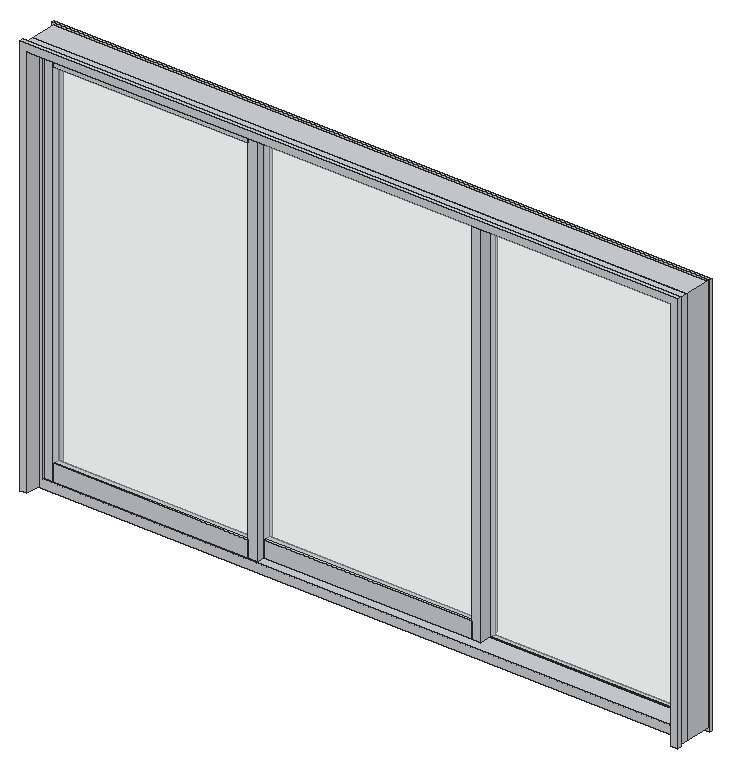
Revit family "APL Residential Thermal Heart Sliding Door SSF", category Doors, host Wall, Revit 2017 (continued)
Definition of nested family "APL Residential Thermal Heart Sliding Door SSF Vertical Section"
  Definition of nested family "Three Panel Sill"
    Definition of nested family "65390_Frame Sill"
      Lines and regions (mm)
        model lines, in view "Ref. Level"
          curve 571: arc (83.505, 16.043, 0) -> (83.778, 15.801, 0) -> (84.083, 16, 0) r 0.3
          curve 572: arc (86.7, 16, 0) -> (86.841, 15.941, 0) -> (86.9, 15.8, 0) r 0.2
          curve 573: arc (86.9, 12.7, 0) -> (86.959, 12.559, 0) -> (87.1, 12.5, 0) r 0.2
          curve 574: arc (89.2, 12.5, 0) -> (89.341, 12.559, 0) -> (89.4, 12.7, 0) r 0.2
          curve 575: arc (89.4, 13.8, 0) -> (89.459, 13.941, 0) -> (89.6, 14, 0) r 0.2
          curve 576: arc (101.9, 14, 0) -> (102.042, 13.941, 0) -> (102.1, 13.8, 0) r 0.2
          curve 577: arc (102.1, 12.9, 0) -> (102.159, 12.759, 0) -> (102.3, 12.7, 0) r 0.2
          curve 578: arc (109.1, 12.7, 0) -> (109.454, 12.846, 0) -> (109.6, 13.2, 0) r 0.5
          curve 579: arc (109.6, 14.5, 0) -> (109.541, 14.641, 0) -> (109.4, 14.7, 0) r 0.2
          curve 580: arc (107.3, 14.7, 0) -> (107.159, 14.759, 0) -> (107.1, 14.9, 0) r 0.2
          curve 581: arc (107.1, 15.8, 0) -> (107.159, 15.941, 0) -> (107.3, 16, 0) r 0.2
          curve 582: arc (112.1, 16, 0) -> (112.454, 16.146, 0) -> (112.6, 16.5, 0) r 0.5
          curve 583: line (112.7, 34.3, 0) -> (111.7, 34.3, 0)
          curve 584: line (111.5, 34.5, 0) -> (111.5, 35.35, 0)
          curve 585: line (110.5, 35.35, 0) -> (110.5, 32.8, 0)
          curve 586: line (111.5, 32.8, 0) -> (111.5, 33.1, 0)
          curve 587: line (111.7, 33.3, 0) -> (112.4, 33.3, 0)
          curve 588: line (112.6, 33.1, 0) -> (112.6, 22.5, 0)
          curve 589: line (112.6, 22.5, 0) -> (114.4, 22.5, 0)
          curve 590: line (114.4, 22.5, 0) -> (114.4, 33.1, 0)
          curve 591: line (114.6, 33.3, 0) -> (115.3, 33.3, 0)
          curve 592: line (115.5, 33.1, 0) -> (115.5, 32.8, 0)
          curve 593: line (116.5, 32.8, 0) -> (116.5, 35.35, 0)
          curve 594: line (115.5, 35.35, 0) -> (115.5, 34.5, 0)
          curve 595: line (115.3, 34.3, 0) -> (114.3, 34.3, 0)
          curve 596: line (114.1, 34.5, 0) -> (114.1, 41.8, 0)
          curve 597: line (114.3, 42, 0) -> (115.299, 42, 0)
          curve 598: line (115.5, 41.8, 0) -> (115.5, 40.95, 0)
          curve 599: line (116.5, 40.95, 0) -> (116.5, 42.5, 0)
          curve 600: line (116, 43, 0) -> (111, 43, 0)
          curve 601: line (110.5, 42.5, 0) -> (110.5, 40.95, 0)
          curve 602: line (111.5, 40.95, 0) -> (111.5, 41.8, 0)
          curve 603: line (111.7, 42, 0) -> (112.7, 42, 0)
          curve 604: line (112.9, 41.8, 0) -> (112.9, 34.5, 0)
          curve 605: line (112.6, 22.5, 0) -> (112.6, 16.5, 0)
          curve 606: line (112.6, 16.5, 0) -> (114.4, 16.5, 0)
          curve 607: line (114.4, 16.5, 0) -> (114.4, 22.5, 0)
          curve 608: line (114.9, 16, 0) -> (117.117, 16, 0)
          curve 609: line (117.887, 16.268, 0) -> (119.297, 16.782, 0)
          curve 610: line (119.699, 16.474, 0) -> (119.492, 14.108, 0)
          curve 611: line (119.405, 13.922, 0) -> (119.041, 13.559, 0)
          curve 612: line (118.707, 13.648, 0) -> (118.662, 13.816, 0)
          curve 613: line (118.662, 13.816, 0) -> (116.532, 14.49, 0)
          curve 614: line (116.532, 14.49, 0) -> (116.3, 14.5, 0)
          curve 615: line (116.2, 13.753, 0) -> (116.2, 10.525, 0)
          curve 616: line (116.2, 10.525, 0) -> (116.006, 9.75, 0)
          curve 617: line (116.2, 9.5, 0) -> (116.721, 9.5, 0)
          curve 618: line (116.721, 9.5, 0) -> (118.131, 10.309, 0)
          curve 619: line (118.7, 10.45, 0) -> (118.7, 8.874, 0)
          curve 620: line (118.7, 7.126, 0) -> (118.7, 5.55, 0)
          curve 621: line (118.131, 5.691, 0) -> (116.877, 6.456, 0)
          curve 622: line (116.877, 6.456, 0) -> (116.2, 6.5, 0)
          curve 623: line (116.006, 6.25, 0) -> (116.2, 5.5, 0)
          curve 624: line (116.194, 5.525, 0) -> (116.2, 2.247, 0)
          curve 625: line (116.454, 1.5, 0) -> (118.521, 2.043, 0)
          curve 626: line (118.521, 2.043, 0) -> (118.707, 2.352, 0)
          curve 627: line (119.041, 2.441, 0) -> (119.405, 2.078, 0)
          curve 628: line (119.492, 1.892, 0) -> (119.699, -0.474, 0)
          curve 629: line (119.297, -0.782, 0) -> (117.887, -0.268, 0)
          curve 630: line (117.117, 0, 0) -> (114.8, 0, 0)
          curve 631: line (114.3, 0.5, 0) -> (114.3, 5, 0)
          curve 632: line (114.1, 5.2, 0) -> (105.3, 5.2, 0)
          curve 633: line (104.8, 5.7, 0) -> (104.8, 6.2, 0)
          curve 634: line (105.3, 6.7, 0) -> (106.727, 6.7, 0)
          curve 635: line (106.827, 10.8, 0) -> (102.3, 10.8, 0)
          curve 636: line (100.048, 12.1, 0) -> (91.556, 12.1, 0)
          curve 637: line (89.2, 10.6, 0) -> (87.9, 10.6, 0)
          curve 638: line (86.9, 9.6, 0) -> (86.9, 0.5, 0)
          curve 639: line (86.4, 0, 0) -> (84.083, 0, 0)
          curve 640: line (83.313, -0.268, 0) -> (81.903, -0.782, 0)
          curve 641: line (81.501, -0.474, 0) -> (81.708, 1.892, 0)
          curve 642: line (81.795, 2.078, 0) -> (82.159, 2.441, 0)
          curve 643: line (82.493, 2.352, 0) -> (82.538, 2.184, 0)
          curve 644: line (82.538, 2.184, 0) -> (84.668, 1.51, 0)
          curve 645: line (84.668, 1.51, 0) -> (84.9, 1.5, 0)
          curve 646: line (85, 2.247, 0) -> (85, 5.475, 0)
          curve 647: line (85, 5.475, 0) -> (85.194, 6.25, 0)
          curve 648: line (85, 6.5, 0) -> (84.479, 6.5, 0)
          curve 649: line (84.479, 6.5, 0) -> (83.069, 5.691, 0)
          curve 650: line (82.5, 5.55, 0) -> (82.5, 7.126, 0)
          curve 651: line (82.5, 8.874, 0) -> (82.5, 10.45, 0)
          curve 652: line (83.069, 10.309, 0) -> (84.323, 9.544, 0)
          curve 653: line (84.323, 9.544, 0) -> (85, 9.5, 0)
          curve 654: line (85.194, 9.75, 0) -> (85.006, 10.475, 0)
          curve 655: line (85.006, 10.475, 0) -> (85, 13.753, 0)
          curve 656: line (84.746, 14.5, 0) -> (82.679, 13.957, 0)
          curve 657: line (82.679, 13.957, 0) -> (82.493, 13.648, 0)
          curve 658: line (82.159, 13.559, 0) -> (81.795, 13.922, 0)
          curve 659: line (81.708, 14.108, 0) -> (81.501, 16.474, 0)
          curve 660: line (81.903, 16.782, 0) -> (83.313, 16.268, 0)
          curve 661: line (84.083, 16, 0) -> (86.7, 16, 0)
          curve 662: line (86.9, 15.8, 0) -> (86.9, 12.7, 0)
          curve 663: line (87.1, 12.5, 0) -> (89.2, 12.5, 0)
          curve 664: line (89.4, 12.7, 0) -> (89.4, 13.8, 0)
          curve 665: line (89.6, 14, 0) -> (95.4, 14, 0)
          curve 666: line (95.4, 14, 0) -> (95.8, 13.6, 0)
          curve 667: line (95.8, 13.6, 0) -> (96.2, 14, 0)
          curve 668: line (96.2, 14, 0) -> (101.9, 14, 0)
          curve 669: line (102.1, 13.8, 0) -> (102.1, 12.9, 0)
          curve 670: line (102.3, 12.7, 0) -> (109.1, 12.7, 0)
          curve 671: line (109.6, 13.2, 0) -> (109.6, 14.5, 0)
          curve 672: line (109.4, 14.7, 0) -> (107.3, 14.7, 0)
          curve 673: line (107.1, 14.9, 0) -> (107.1, 15.8, 0)
          curve 674: line (107.3, 16, 0) -> (112.1, 16, 0)
          curve 675: arc (159.4, 35.877, 0) -> (159.327, 35.95, 0) -> (159.3, 36.05, 0) r 0.2
          curve 676: arc (159.3, 40.25, 0) -> (159.327, 40.35, 0) -> (159.4, 40.423, 0) r 0.2
          curve 677: arc (159.4, 40.423, 0) -> (159.473, 40.496, 0) -> (159.5, 40.596, 0) r 0.2
          curve 678: arc (159.5, 41.8, 0) -> (159.441, 41.941, 0) -> (159.3, 42, 0) r 0.2
          curve 679: arc (157.701, 42, 0) -> (157.559, 41.942, 0) -> (157.5, 41.8, 0) r 0.2
          curve 680: arc (157.5, 40.95, 0) -> (157, 40.451, 0) -> (156.5, 40.95, 0) r 0.5
          curve 681: arc (156.5, 42.5, 0) -> (156.646, 42.854, 0) -> (157, 43, 0) r 0.499
          curve 682: arc (160.5, 43, 0) -> (160.847, 42.847, 0) -> (161, 42.5, 0) r 0.523
          curve 683: arc (161, 21.5, 0) -> (160.856, 21.144, 0) -> (160.5, 21, 0) r 0.493
          curve 684: arc (157.7, 21, 0) -> (157.558, 20.942, 0) -> (157.5, 20.8, 0) r 0.199
          curve 685: arc (157.5, 13.199, 0) -> (156.852, 11.559, 0) -> (155.258, 10.805, 0) r 2.399
          curve 686: arc (155.258, 10.805, 0) -> (154.878, 10.588, 0) -> (154.814, 10.156, 0) r 0.5
          curve 687: arc (154.814, 10.156, 0) -> (155, 8.953, 0) -> (154.816, 7.75, 0) r 4
          curve 688: arc (154.816, 7.75, 0) -> (154.89, 7.304, 0) -> (155.293, 7.1, 0) r 0.5
          curve 689: arc (155.5, 7.1, 0) -> (156.914, 6.514, 0) -> (157.5, 5.1, 0) r 2.001
          curve 690: arc (166.75, 1.5, 0) -> (167.501, 0.747, 0) -> (166.745, 0, 0) r 0.75
          curve 691: arc (157.5, 0, 0) -> (156.439, 0.439, 0) -> (156, 1.5, 0) r 1.5
          curve 692: arc (156, 5, 0) -> (155.941, 5.141, 0) -> (155.8, 5.2, 0) r 0.2
          curve 693: arc (146.5, 5.2, 0) -> (146.146, 5.346, 0) -> (146, 5.7, 0) r 0.5
          curve 694: arc (146, 6.2, 0) -> (146.146, 6.554, 0) -> (146.5, 6.7, 0) r 0.5
          curve 695: arc (147.927, 6.7, 0) -> (148.266, 6.833, 0) -> (148.426, 7.16, 0) r 0.5
          curve 696: arc (148.426, 7.16, 0) -> (148.912, 7.803, 0) -> (149.7, 7.634, 0) r 0.75
          curve 697: arc (149.7, 7.634, 0) -> (151, 7.1, 0) -> (152.3, 7.634, 0) r 1.85
          curve 698: arc (152.3, 7.634, 0) -> (152.442, 7.744, 0) -> (152.607, 7.817, 0) r 0.75
          curve 699: arc (152.607, 7.817, 0) -> (152.791, 7.92, 0) -> (152.916, 8.09, 0) r 0.5
          curve 700: arc (152.916, 8.09, 0) -> (153.1, 8.95, 0) -> (152.916, 9.81, 0) r 2.1
          curve 701: arc (152.916, 9.81, 0) -> (152.791, 9.98, 0) -> (152.607, 10.083, 0) r 0.5
          curve 702: arc (152.607, 10.083, 0) -> (152.442, 10.156, 0) -> (152.3, 10.266, 0) r 0.75
          curve 703: arc (152.3, 10.266, 0) -> (151, 10.8, 0) -> (149.7, 10.266, 0) r 1.85
          curve 704: arc (149.7, 10.266, 0) -> (149.027, 10.064, 0) -> (148.482, 10.509, 0) r 0.75
          curve 705: arc (148.482, 10.509, 0) -> (148.32, 10.716, 0) -> (148.075, 10.812, 0) r 0.5
          curve 706: arc (148.075, 10.812, 0) -> (147.154, 11.14, 0) -> (146.481, 11.85, 0) r 2.1
          curve 707: arc (146.481, 11.85, 0) -> (146.298, 12.033, 0) -> (146.048, 12.1, 0) r 0.5
          curve 708: arc (137.556, 12.1, 0) -> (137.287, 12.022, 0) -> (137.103, 11.812, 0) r 0.5
          curve 709: arc (137.103, 11.812, 0) -> (136.328, 10.929, 0) -> (135.2, 10.6, 0) r 2.1
          curve 710: arc (133.9, 10.6, 0) -> (133.193, 10.307, 0) -> (132.9, 9.6, 0) r 1
          curve 711: arc (132.9, 0.5, 0) -> (132.754, 0.146, 0) -> (132.4, 0, 0) r 0.5
          curve 712: arc (130.083, 0, 0) -> (129.778, 0.199, 0) -> (129.505, -0.043, 0) r 0.3
          curve 713: arc (129.505, -0.043, 0) -> (129.439, -0.181, 0) -> (129.313, -0.268, 0) r 0.3
          curve 714: arc (127.903, -0.782, 0) -> (127.617, -0.738, 0) -> (127.501, -0.474, 0) r 0.3
          curve 715: arc (127.708, 1.892, 0) -> (127.735, 1.992, 0) -> (127.795, 2.078, 0) r 0.3
          curve 716: arc (128.159, 2.441, 0) -> (128.352, 2.493, 0) -> (128.493, 2.352, 0) r 0.2
          curve 717: arc (128.538, 2.184, 0) -> (128.59, 2.095, 0) -> (128.679, 2.043, 0) r 0.2
          curve 718: arc (130.9, 1.5, 0) -> (131.18, 1.693, 0) -> (131.1, 2.024, 0) r 0.3
          curve 719: arc (131.1, 2.024, 0) -> (131.026, 2.125, 0) -> (131, 2.247, 0) r 0.3
          curve 720: arc (131.194, 6.25, 0) -> (131.158, 6.422, 0) -> (131, 6.5, 0) r 0.2
          curve 721: arc (130.479, 6.5, 0) -> (130.398, 6.489, 0) -> (130.323, 6.456, 0) r 0.3
          curve 722: arc (129.069, 5.691, 0) -> (129.072, 5.521, 0) -> (128.966, 5.389, 0) r 0.25
          curve 723: arc (128.88, 5.337, 0) -> (128.628, 5.332, 0) -> (128.5, 5.55, 0) r 0.25
          curve 724: arc (128.5, 7.126, 0) -> (128.582, 7.523, 0) -> (128.815, 7.854, 0) r 1
          curve 725: arc (128.815, 7.854, 0) -> (128.878, 8, 0) -> (128.815, 8.146, 0) r 0.2
          curve 726: arc (128.815, 8.146, 0) -> (128.582, 8.477, 0) -> (128.5, 8.874, 0) r 1
          curve 727: arc (128.5, 10.45, 0) -> (128.628, 10.668, 0) -> (128.88, 10.663, 0) r 0.25
          curve 728: arc (128.966, 10.611, 0) -> (129.072, 10.479, 0) -> (129.069, 10.309, 0) r 0.25
          curve 729: arc (130.323, 9.544, 0) -> (130.398, 9.511, 0) -> (130.479, 9.5, 0) r 0.3
          curve 730: arc (131, 9.5, 0) -> (131.158, 9.578, 0) -> (131.194, 9.75, 0) r 0.2
          curve 731: arc (131, 13.753, 0) -> (131.026, 13.875, 0) -> (131.1, 13.976, 0) r 0.3
          curve 732: arc (131.1, 13.976, 0) -> (131.18, 14.307, 0) -> (130.9, 14.5, 0) r 0.3
          curve 733: arc (128.679, 13.957, 0) -> (128.59, 13.905, 0) -> (128.538, 13.816, 0) r 0.2
          curve 734: arc (128.493, 13.648, 0) -> (128.352, 13.507, 0) -> (128.159, 13.559, 0) r 0.2
          curve 735: arc (127.795, 13.922, 0) -> (127.735, 14.008, 0) -> (127.708, 14.108, 0) r 0.3
          curve 736: arc (127.501, 16.474, 0) -> (127.617, 16.738, 0) -> (127.903, 16.782, 0) r 0.3
          curve 737: arc (129.313, 16.268, 0) -> (129.439, 16.181, 0) -> (129.505, 16.043, 0) r 0.3
          curve 738: arc (129.505, 16.043, 0) -> (129.778, 15.801, 0) -> (130.083, 16, 0) r 0.3
          curve 739: arc (132.7, 16, 0) -> (132.841, 15.941, 0) -> (132.9, 15.8, 0) r 0.2
          curve 740: arc (132.9, 12.7, 0) -> (132.959, 12.559, 0) -> (133.1, 12.5, 0) r 0.2
          curve 741: arc (135.2, 12.5, 0) -> (135.341, 12.559, 0) -> (135.4, 12.7, 0) r 0.2
          curve 742: arc (135.4, 13.8, 0) -> (135.459, 13.941, 0) -> (135.6, 14, 0) r 0.2
          curve 743: arc (147.9, 14, 0) -> (148.042, 13.941, 0) -> (148.1, 13.8, 0) r 0.2
          curve 744: arc (148.1, 12.9, 0) -> (148.159, 12.759, 0) -> (148.3, 12.7, 0) r 0.2
          curve 745: arc (155.1, 12.7, 0) -> (155.454, 12.846, 0) -> (155.6, 13.2, 0) r 0.5
          curve 746: arc (155.6, 14.5, 0) -> (155.541, 14.641, 0) -> (155.4, 14.7, 0) r 0.2
          curve 747: arc (153.3, 14.7, 0) -> (153.159, 14.759, 0) -> (153.1, 14.9, 0) r 0.2
          curve 748: arc (153.1, 15.8, 0) -> (153.159, 15.941, 0) -> (153.3, 16, 0) r 0.2
          curve 749: arc (155.5, 16, 0) -> (155.854, 16.146, 0) -> (156, 16.5, 0) r 0.5
          curve 750: arc (156, 22.8, 0) -> (156.146, 23.154, 0) -> (156.5, 23.3, 0) r 0.5
          curve 751: arc (157.3, 23.3, 0) -> (157.441, 23.241, 0) -> (157.5, 23.1, 0) r 0.2
          curve 752: arc (159.3, 22.3, 0) -> (159.441, 22.359, 0) -> (159.5, 22.5, 0) r 0.2
          curve 753: arc (159.5, 27.4, 0) -> (159.1, 27.8, 0) -> (159.5, 28.2, 0) r 0.4
          curve 754: arc (159.5, 33.1, 0) -> (159.441, 33.241, 0) -> (159.3, 33.3, 0) r 0.2
          curve 755: arc (157.5, 32.7, 0) -> (157.383, 32.417, 0) -> (157.1, 32.3, 0) r 0.4
          curve 756: arc (157, 32.3, 0) -> (156.646, 32.447, 0) -> (156.5, 32.8, 0) r 0.5
          curve 757: arc (156.5, 35.35, 0) -> (157, 35.85, 0) -> (157.5, 35.35, 0) r 0.5
          curve 758: arc (157.5, 34.5, 0) -> (157.559, 34.359, 0) -> (157.7, 34.3, 0) r 0.2
          curve 759: arc (159.3, 34.3, 0) -> (159.441, 34.359, 0) -> (159.5, 34.5, 0) r 0.2
          curve 760: line (159.3, 36.05, 0) -> (159.3, 40.25, 0)
          curve 761: line (159.5, 40.596, 0) -> (159.5, 41.8, 0)
          curve 762: line (159.3, 42, 0) -> (157.701, 42, 0)
          curve 763: line (157.5, 41.8, 0) -> (157.5, 40.95, 0)
          curve 764: line (156.5, 40.95, 0) -> (156.5, 42.5, 0)
          curve 765: line (157, 43, 0) -> (160.5, 43, 0)
          curve 766: line (161, 42.5, 0) -> (161, 21.5, 0)
          curve 767: line (160.5, 21, 0) -> (157.7, 21, 0)
          curve 768: line (157.5, 20.8, 0) -> (157.5, 13.199, 0)
          curve 769: line (155.293, 7.1, 0) -> (155.5, 7.1, 0)
          curve 770: line (157.5, 5.1, 0) -> (157.5, 1.5, 0)
          curve 771: line (157.5, 1.5, 0) -> (166.75, 1.5, 0)
          curve 772: line (166.745, 0, 0) -> (165, 0, 0)
          curve 773: line (165, 0, 0) -> (164.6, 0.4, 0)
          curve 774: line (164.6, 0.4, 0) -> (158.3, 0.4, 0)
          curve 775: line (158.3, 0.4, 0) -> (157.9, 0, 0)
          curve 776: line (157.9, 0, 0) -> (157.5, 0, 0)
          curve 777: line (156, 1.5, 0) -> (156, 5, 0)
          curve 778: line (155.8, 5.2, 0) -> (146.5, 5.2, 0)
          curve 779: line (146, 5.7, 0) -> (146, 6.2, 0)
          curve 780: line (146.5, 6.7, 0) -> (147.927, 6.7, 0)
          curve 781: line (146.048, 12.1, 0) -> (137.556, 12.1, 0)
          curve 782: line (135.2, 10.6, 0) -> (133.9, 10.6, 0)
          curve 783: line (132.9, 9.6, 0) -> (132.9, 0.5, 0)
          curve 784: line (132.4, 0, 0) -> (130.083, 0, 0)
          curve 785: line (129.313, -0.268, 0) -> (127.903, -0.782, 0)
          curve 786: line (127.501, -0.474, 0) -> (127.708, 1.892, 0)
          curve 787: line (127.795, 2.078, 0) -> (128.159, 2.441, 0)
          curve 788: line (128.493, 2.352, 0) -> (128.538, 2.184, 0)
          curve 789: line (128.538, 2.184, 0) -> (130.668, 1.51, 0)
          curve 790: line (130.668, 1.51, 0) -> (130.9, 1.5, 0)
          curve 791: line (131, 2.247, 0) -> (131, 5.475, 0)
          curve 792: line (131, 5.475, 0) -> (131.194, 6.25, 0)
          curve 793: line (131, 6.5, 0) -> (130.479, 6.5, 0)
          curve 794: line (130.479, 6.5, 0) -> (129.069, 5.691, 0)
          curve 795: line (128.5, 5.55, 0) -> (128.5, 7.126, 0)
          curve 796: line (128.5, 8.874, 0) -> (128.5, 10.45, 0)
          curve 797: line (129.069, 10.309, 0) -> (130.323, 9.544, 0)
          curve 798: line (130.323, 9.544, 0) -> (131, 9.5, 0)
          curve 799: line (131.194, 9.75, 0) -> (131.006, 10.475, 0)
          curve 800: line (131.006, 10.475, 0) -> (131, 13.753, 0)
          curve 801: line (130.746, 14.5, 0) -> (128.679, 13.957, 0)
          curve 802: line (128.679, 13.957, 0) -> (128.493, 13.648, 0)
          curve 803: line (128.159, 13.559, 0) -> (127.795, 13.922, 0)
          curve 804: line (127.708, 14.108, 0) -> (127.501, 16.474, 0)
          curve 805: line (127.903, 16.782, 0) -> (129.313, 16.268, 0)
          curve 806: line (130.083, 16, 0) -> (132.7, 16, 0)
          curve 807: line (132.9, 15.8, 0) -> (132.9, 12.7, 0)
          curve 808: line (133.1, 12.5, 0) -> (135.2, 12.5, 0)
          curve 809: line (135.4, 12.7, 0) -> (135.4, 13.8, 0)
          curve 810: line (135.6, 14, 0) -> (141.4, 14, 0)
          curve 811: line (141.4, 14, 0) -> (141.8, 13.6, 0)
          curve 812: line (141.8, 13.6, 0) -> (142.2, 14, 0)
          curve 813: line (142.2, 14, 0) -> (147.9, 14, 0)
          curve 814: line (148.1, 13.8, 0) -> (148.1, 12.9, 0)
          curve 815: line (148.3, 12.7, 0) -> (155.1, 12.7, 0)
          curve 816: line (155.6, 13.2, 0) -> (155.6, 14.5, 0)
          curve 817: line (155.4, 14.7, 0) -> (153.3, 14.7, 0)
          curve 818: line (153.1, 14.9, 0) -> (153.1, 15.8, 0)
          curve 819: line (153.3, 16, 0) -> (155.5, 16, 0)
          curve 820: line (156, 16.5, 0) -> (156, 22.8, 0)
          curve 821: line (156.5, 23.3, 0) -> (157.3, 23.3, 0)
          curve 822: line (157.5, 23.1, 0) -> (157.5, 22.3, 0)
          curve 823: line (157.5, 22.3, 0) -> (159.3, 22.3, 0)
          curve 824: line (159.5, 22.5, 0) -> (159.5, 27.4, 0)
          curve 825: line (159.5, 28.2, 0) -> (159.5, 33.1, 0)
          curve 826: line (159.3, 33.3, 0) -> (157.5, 33.3, 0)
          curve 827: line (157.5, 33.3, 0) -> (157.5, 32.7, 0)
          curve 828: line (156.5, 32.8, 0) -> (156.5, 35.35, 0)
          curve 829: line (157.5, 35.35, 0) -> (157.5, 34.5, 0)
          curve 830: line (157.7, 34.3, 0) -> (159.3, 34.3, 0)
          curve 831: line (159.5, 34.5, 0) -> (159.5, 35.704, 0)
          curve 832: arc (159.5, 35.704, 0) -> (159.473, 35.804, 0) -> (159.4, 35.877, 0) r 0.2
          curve 833: arc (116.2, 10.4, 0) -> (116.317, 10.117, 0) -> (116.6, 10, 0) r 0.4
          curve 834: arc (116.893, 10, 0) -> (116.996, 10.014, 0) -> (117.093, 10.054, 0) r 0.4
          curve 835: arc (118.621, 10.939, 0) -> (118.911, 11.059, 0) -> (119.222, 11.1, 0) r 1.2
          curve 836: arc (120.145, 11.1, 0) -> (120.718, 11.281, 0) -> (121.084, 11.758, 0) r 1
          curve 837: arc (121.877, 13.937, 0) -> (122.024, 14.128, 0) -> (122.253, 14.2, 0) r 0.4
          curve 838: arc (124.947, 14.2, 0) -> (125.176, 14.128, 0) -> (125.323, 13.937, 0) r 0.4
          curve 839: arc (126.116, 11.758, 0) -> (126.482, 11.281, 0) -> (127.055, 11.1, 0) r 1
          curve 840: arc (127.978, 11.1, 0) -> (128.289, 11.059, 0) -> (128.579, 10.939, 0) r 1.2
          curve 841: arc (130.107, 10.054, 0) -> (130.204, 10.014, 0) -> (130.307, 10, 0) r 0.4
          curve 842: arc (130.6, 10, 0) -> (130.883, 10.117, 0) -> (131, 10.4, 0) r 0.4
          curve 843: arc (131, 13.8, 0) -> (130.883, 14.083, 0) -> (130.6, 14.2, 0) r 0.4
          curve 844: arc (130.307, 14.2, 0) -> (130.204, 14.186, 0) -> (130.107, 14.146, 0) r 0.4
          curve 845: arc (128.579, 13.261, 0) -> (128.285, 13.14, 0) -> (127.97, 13.1, 0) r 1.2
          curve 846: arc (127.97, 13.1, 0) -> (127.795, 13.153, 0) -> (127.684, 13.297, 0) r 0.3
          curve 847: arc (126.796, 15.737, 0) -> (126.649, 15.928, 0) -> (126.42, 16, 0) r 0.4
          curve 848: arc (120.78, 16, 0) -> (120.551, 15.928, 0) -> (120.404, 15.737, 0) r 0.4
          curve 849: arc (119.516, 13.297, 0) -> (119.405, 13.153, 0) -> (119.23, 13.1, 0) r 0.3
          curve 850: arc (119.23, 13.1, 0) -> (118.915, 13.14, 0) -> (118.621, 13.261, 0) r 1.2
          curve 851: arc (117.093, 14.146, 0) -> (116.996, 14.186, 0) -> (116.893, 14.2, 0) r 0.4
          curve 852: arc (116.6, 14.2, 0) -> (116.317, 14.083, 0) -> (116.2, 13.8, 0) r 0.4
          curve 853: line (116.6, 10, 0) -> (116.893, 10, 0)
          curve 854: line (117.093, 10.054, 0) -> (118.621, 10.939, 0)
          curve 855: line (119.222, 11.1, 0) -> (120.145, 11.1, 0)
          curve 856: line (121.084, 11.758, 0) -> (121.877, 13.937, 0)
          curve 857: line (122.253, 14.2, 0) -> (124.947, 14.2, 0)
          curve 858: line (125.323, 13.937, 0) -> (126.116, 11.758, 0)
          curve 859: line (127.055, 11.1, 0) -> (127.978, 11.1, 0)
          curve 860: line (128.579, 10.939, 0) -> (130.107, 10.054, 0)
          curve 861: line (130.307, 10, 0) -> (130.6, 10, 0)
          curve 862: line (131, 10.4, 0) -> (131, 13.8, 0)
          curve 863: line (130.6, 14.2, 0) -> (130.307, 14.2, 0)
          curve 864: line (130.107, 14.146, 0) -> (128.579, 13.261, 0)
          curve 865: line (127.684, 13.297, 0) -> (126.796, 15.737, 0)
          curve 866: line (126.42, 16, 0) -> (120.78, 16, 0)
          curve 867: line (120.404, 15.737, 0) -> (119.516, 13.297, 0)
          curve 868: line (118.621, 13.261, 0) -> (117.093, 14.146, 0)
          curve 869: line (116.893, 14.2, 0) -> (116.6, 14.2, 0)
          curve 870: line (116.2, 13.8, 0) -> (116.2, 10.4, 0)
          curve 871: arc (116.2, 5.6, 0) -> (116.317, 5.883, 0) -> (116.6, 6, 0) r 0.4
          curve 872: arc (116.893, 6, 0) -> (116.996, 5.986, 0) -> (117.093, 5.946, 0) r 0.4
          curve 873: arc (118.621, 5.061, 0) -> (118.911, 4.941, 0) -> (119.222, 4.9, 0) r 1.2
          curve 874: arc (120.145, 4.9, 0) -> (120.718, 4.719, 0) -> (121.084, 4.242, 0) r 1
          curve 875: arc (121.877, 2.063, 0) -> (122.024, 1.872, 0) -> (122.253, 1.8, 0) r 0.4
          curve 876: arc (124.947, 1.8, 0) -> (125.176, 1.872, 0) -> (125.323, 2.063, 0) r 0.4
          curve 877: arc (126.116, 4.242, 0) -> (126.482, 4.719, 0) -> (127.055, 4.9, 0) r 1
          curve 878: arc (127.978, 4.9, 0) -> (128.289, 4.941, 0) -> (128.579, 5.061, 0) r 1.2
          curve 879: arc (130.107, 5.946, 0) -> (130.204, 5.986, 0) -> (130.307, 6, 0) r 0.4
          curve 880: arc (130.6, 6, 0) -> (130.883, 5.883, 0) -> (131, 5.6, 0) r 0.4
          curve 881: arc (131, 2.2, 0) -> (130.883, 1.917, 0) -> (130.6, 1.8, 0) r 0.4
          curve 882: arc (130.307, 1.8, 0) -> (130.204, 1.814, 0) -> (130.107, 1.854, 0) r 0.4
          curve 883: arc (128.579, 2.738, 0) -> (128.285, 2.86, 0) -> (127.97, 2.9, 0) r 1.2
          curve 884: arc (127.97, 2.9, 0) -> (127.795, 2.847, 0) -> (127.684, 2.703, 0) r 0.3
          curve 885: arc (126.796, 0.263, 0) -> (126.649, 0.072, 0) -> (126.42, 0, 0) r 0.4
          curve 886: arc (120.78, 0, 0) -> (120.551, 0.072, 0) -> (120.404, 0.263, 0) r 0.4
          curve 887: arc (119.516, 2.703, 0) -> (119.405, 2.847, 0) -> (119.23, 2.9, 0) r 0.3
          curve 888: arc (119.23, 2.9, 0) -> (118.915, 2.86, 0) -> (118.621, 2.738, 0) r 1.2
          curve 889: arc (117.093, 1.854, 0) -> (116.996, 1.814, 0) -> (116.893, 1.8, 0) r 0.4
          curve 890: arc (116.6, 1.8, 0) -> (116.317, 1.917, 0) -> (116.2, 2.2, 0) r 0.4
          curve 891: line (116.6, 6, 0) -> (116.893, 6, 0)
          curve 892: line (117.093, 5.946, 0) -> (118.621, 5.061, 0)
          curve 893: line (119.222, 4.9, 0) -> (120.145, 4.9, 0)
          curve 894: line (121.084, 4.242, 0) -> (121.877, 2.063, 0)
          curve 895: line (122.253, 1.8, 0) -> (124.947, 1.8, 0)
          curve 896: line (125.323, 2.063, 0) -> (126.116, 4.242, 0)
          curve 897: line (127.055, 4.9, 0) -> (127.978, 4.9, 0)
          curve 898: line (128.579, 5.061, 0) -> (130.107, 5.946, 0)
          curve 899: line (130.307, 6, 0) -> (130.6, 6, 0)
          curve 900: line (131, 5.6, 0) -> (131, 2.2, 0)
          curve 901: line (130.6, 1.8, 0) -> (130.307, 1.8, 0)
          curve 902: line (130.107, 1.854, 0) -> (128.579, 2.738, 0)
          curve 903: line (127.684, 2.703, 0) -> (126.796, 0.263, 0)
          curve 904: line (126.42, 0, 0) -> (120.78, 0, 0)
          curve 905: line (120.404, 0.263, 0) -> (119.516, 2.703, 0)
          curve 906: line (118.621, 2.738, 0) -> (117.093, 1.854, 0)
          curve 907: line (116.893, 1.8, 0) -> (116.6, 1.8, 0)
          curve 908: line (116.2, 2.2, 0) -> (116.2, 5.6, 0)
      Text (mm)
        text "65390" at (14.161, 60.531, 0), in view "Ref. Level"
  Definition of nested family "Three Panel Head"
    Parameters (values of type "Three Panel Head")
      Threshold = yes
      Seal = yes
    Reference planes
      plane 1 "Center (Front/Back)": y = 0
      plane 2: z = 0
      plane 3 "Center (Left/Right)": x = 0
    Lines and regions (mm)
      detail lines, in view "Ref. Level", visible <- "Seal"
        curve 1: arc (40.782, -34.147, 0) -> (40.472, -34.007, 0) -> (40.309, -34.306, 0) r 0.25
        curve 2: arc (40.336, -44.194, 0) -> (40.498, -44.493, 0) -> (40.808, -44.353, 0) r 0.25
        curve 3: line (40.309, -34.306, 0) -> (41.303, -38.173, 0)
        curve 4: line (41.303, -38.173, 0) -> (40.3, -38.753, 0)
        curve 5: line (40.3, -38.753, 0) -> (40.3, -39.753, 0)
        curve 6: line (40.3, -39.753, 0) -> (41.325, -40.344, 0)
        curve 7: line (41.325, -40.344, 0) -> (40.336, -44.194, 0)
        curve 8: line (40.808, -44.353, 0) -> (42.532, -40.253, 0)
        curve 9: line (42.532, -40.253, 0) -> (43.8, -40.253, 0)
        curve 10: line (43.8, -40.253, 0) -> (43.8, -41.503, 0)
        curve 11: line (43.8, -41.503, 0) -> (44.8, -41.503, 0)
        curve 12: line (44.8, -41.503, 0) -> (44.8, -37.003, 0)
        curve 13: line (44.8, -37.003, 0) -> (43.8, -37.003, 0)
        curve 14: line (43.8, -37.003, 0) -> (43.8, -38.253, 0)
        curve 15: line (43.8, -38.253, 0) -> (42.508, -38.253, 0)
        curve 16: line (42.508, -38.253, 0) -> (40.782, -34.147, 0)
      detail lines, in view "Ref. Level", visible <- "Seal", not visible
        curve 17: arc (40.782, -34.147, 0) -> (40.472, -34.007, 0) -> (40.309, -34.306, 0) r 0.25
        curve 18: arc (40.336, -44.194, 0) -> (40.498, -44.493, 0) -> (40.808, -44.353, 0) r 0.25
        curve 19: line (40.309, -34.306, 0) -> (41.303, -38.173, 0)
        curve 20: line (41.303, -38.173, 0) -> (40.3, -38.753, 0)
        curve 21: line (40.3, -38.753, 0) -> (40.3, -39.753, 0)
        curve 22: line (40.3, -39.753, 0) -> (41.325, -40.344, 0)
        curve 23: line (41.325, -40.344, 0) -> (40.336, -44.194, 0)
        curve 24: line (40.808, -44.353, 0) -> (42.532, -40.253, 0)
        curve 25: line (42.532, -40.253, 0) -> (43.8, -40.253, 0)
        curve 26: line (43.8, -40.253, 0) -> (43.8, -41.503, 0)
        curve 27: line (43.8, -41.503, 0) -> (44.8, -41.503, 0)
        curve 28: line (44.8, -41.503, 0) -> (44.8, -37.003, 0)
        curve 29: line (44.8, -37.003, 0) -> (43.8, -37.003, 0)
        curve 30: line (43.8, -37.003, 0) -> (43.8, -38.253, 0)
        curve 31: line (43.8, -38.253, 0) -> (42.508, -38.253, 0)
        curve 32: line (42.508, -38.253, 0) -> (40.782, -34.147, 0)
      detail lines, in view "Ref. Level"
        curve 33: line (74.15, -41.439, 0) -> (68.4, -39.899, 0)
        curve 34: line (69.861, -40.29, 0) -> (74.15, -40.29, 0)
        curve 35: line (68.4, -39.45, 0) -> (74.15, -39.45, 0)
        curve 36: line (68.4, -38.61, 0) -> (74.15, -38.61, 0)
        curve 37: line (68.4, -37.69, 0) -> (74.15, -37.69, 0)
        curve 38: line (68.4, -36.85, 0) -> (74.15, -36.85, 0)
        curve 39: line (69.861, -36.01, 0) -> (74.15, -36.01, 0)
        curve 40: line (68.4, -36.401, 0) -> (74.15, -34.861, 0)
        curve 41: line (68.15, -41.6, 0) -> (68.15, -34.7, 0)
        curve 42: line (68.4, -34.7, 0) -> (68.4, -41.6, 0)
        curve 43: line (68.4, -41.6, 0) -> (67.9, -41.6, 0)
        curve 44: line (67.9, -41.6, 0) -> (67.9, -34.7, 0)
        curve 45: line (67.9, -34.7, 0) -> (68.4, -34.7, 0)
        curve 59: line (106.45, -41.439, 0) -> (112.2, -39.899, 0)
        curve 60: line (110.739, -40.29, 0) -> (106.45, -40.29, 0)
        curve 61: line (112.2, -39.45, 0) -> (106.45, -39.45, 0)
        curve 62: line (112.2, -38.61, 0) -> (106.45, -38.61, 0)
        curve 63: line (112.2, -37.69, 0) -> (106.45, -37.69, 0)
        curve 64: line (112.2, -36.85, 0) -> (106.45, -36.85, 0)
        curve 65: line (110.739, -36.01, 0) -> (106.45, -36.01, 0)
        curve 66: line (112.2, -36.401, 0) -> (106.45, -34.861, 0)
        curve 67: line (112.45, -41.6, 0) -> (112.45, -34.7, 0)
        curve 68: line (112.2, -34.7, 0) -> (112.2, -41.6, 0)
        curve 69: line (112.2, -41.6, 0) -> (112.7, -41.6, 0)
        curve 70: line (112.7, -41.6, 0) -> (112.7, -34.7, 0)
        curve 71: line (112.7, -34.7, 0) -> (112.2, -34.7, 0)
        curve 72: line (120.55, -41.439, 0) -> (114.8, -39.899, 0)
        curve 73: line (116.261, -40.29, 0) -> (120.55, -40.29, 0)
        curve 74: line (114.8, -39.45, 0) -> (120.55, -39.45, 0)
        curve 75: line (114.8, -38.61, 0) -> (120.55, -38.61, 0)
        curve 76: line (114.8, -37.69, 0) -> (120.55, -37.69, 0)
        curve 77: line (114.8, -36.85, 0) -> (120.55, -36.85, 0)
        curve 78: line (116.261, -36.01, 0) -> (120.55, -36.01, 0)
        curve 79: line (114.8, -36.401, 0) -> (120.55, -34.861, 0)
        curve 80: line (114.55, -41.6, 0) -> (114.55, -34.7, 0)
        curve 81: line (114.8, -34.7, 0) -> (114.8, -41.6, 0)
        curve 82: line (114.8, -41.6, 0) -> (114.3, -41.6, 0)
        curve 83: line (114.3, -41.6, 0) -> (114.3, -34.7, 0)
        curve 84: line (114.3, -34.7, 0) -> (114.8, -34.7, 0)
        curve 85: line (152.85, -41.439, 0) -> (158.6, -39.899, 0)
        curve 86: line (157.139, -40.29, 0) -> (152.85, -40.29, 0)
        curve 87: line (158.6, -39.45, 0) -> (152.85, -39.45, 0)
        curve 88: line (158.6, -38.61, 0) -> (152.85, -38.61, 0)
        curve 89: line (158.6, -37.69, 0) -> (152.85, -37.69, 0)
        curve 90: line (158.6, -36.85, 0) -> (152.85, -36.85, 0)
        curve 91: line (157.139, -36.01, 0) -> (152.85, -36.01, 0)
        curve 92: line (158.6, -36.401, 0) -> (152.85, -34.861, 0)
        curve 93: line (158.85, -41.6, 0) -> (158.85, -34.7, 0)
        curve 94: line (158.6, -34.7, 0) -> (158.6, -41.6, 0)
        curve 95: line (158.6, -41.6, 0) -> (159.1, -41.6, 0)
        curve 96: line (159.1, -41.6, 0) -> (159.1, -34.7, 0)
        curve 97: line (159.1, -34.7, 0) -> (158.6, -34.7, 0)
      detail lines, in view "Ref. Level", not visible
        curve 46: line (101.764, -41.439, 0) -> (107.514, -39.899, 0)
        curve 47: line (106.053, -40.29, 0) -> (101.764, -40.29, 0)
        curve 48: line (107.514, -39.45, 0) -> (101.764, -39.45, 0)
        curve 49: line (107.514, -38.61, 0) -> (101.764, -38.61, 0)
        curve 50: line (107.514, -37.69, 0) -> (101.764, -37.69, 0)
        curve 51: line (107.514, -36.85, 0) -> (101.764, -36.85, 0)
        curve 52: line (106.053, -36.01, 0) -> (101.764, -36.01, 0)
        curve 53: line (107.514, -36.401, 0) -> (101.764, -34.861, 0)
        curve 54: line (107.764, -41.6, 0) -> (107.764, -34.7, 0)
        curve 55: line (107.514, -34.7, 0) -> (107.514, -41.6, 0)
        curve 56: line (107.514, -41.6, 0) -> (108.014, -41.6, 0)
        curve 57: line (108.014, -41.6, 0) -> (108.014, -34.7, 0)
        curve 58: line (108.014, -34.7, 0) -> (107.514, -34.7, 0)
    Nested families
      nested 1: "65460_Door Top And Window Rail" at (74, -105, 0), type "65460_Door Top And Window Rail", in view "Ref. Level"
      nested 2: "65410_Frame" at (0, -24, 0), type "65410_Frame", in view "Ref. Level"
      nested 3: "65460_Door Top And Window Rail" at (120.4, -105, 0), type "65460_Door Top And Window Rail", in view "Ref. Level"
    Definition of nested family "65460_Door Top And Window Rail"
      Reference planes
        plane 1 "Center (Front/Back)": y = 0
        plane 2: z = 0
        plane 3 "Center (Left/Right)": x = 0
      Lines and regions (mm)
        detail lines, in view "Ref. Level"
          curve 1: arc (20.155, 25.72, 0) -> (19.65, 25.078, 0) -> (19.29, 24.346, 0) r 3.9
          curve 2: arc (19.29, 24.346, 0) -> (19.067, 24.218, 0) -> (18.902, 24.415, 0) r 0.2
          curve 3: arc (18.902, 31.835, 0) -> (19.067, 32.032, 0) -> (19.29, 31.904, 0) r 0.2
          curve 4: arc (19.29, 31.904, 0) -> (19.65, 31.172, 0) -> (20.155, 30.53, 0) r 3.9
          curve 5: arc (20.155, 30.53, 0) -> (21.428, 30.513, 0) -> (21.445, 31.786, 0) r 0.9
          curve 6: arc (21.445, 31.786, 0) -> (20.85, 33.25, 0) -> (21.445, 34.715, 0) r 2.1
          curve 7: arc (21.445, 34.715, 0) -> (21.57, 34.877, 0) -> (21.656, 35.064, 0) r 0.9
          curve 8: arc (21.656, 35.064, 0) -> (21.753, 35.236, 0) -> (21.91, 35.358, 0) r 0.5
          curve 9: arc (21.91, 35.358, 0) -> (22.95, 35.6, 0) -> (23.99, 35.358, 0) r 2.35
          curve 10: arc (23.99, 35.358, 0) -> (24.147, 35.236, 0) -> (24.244, 35.064, 0) r 0.5
          curve 11: arc (24.244, 35.064, 0) -> (24.33, 34.877, 0) -> (24.455, 34.715, 0) r 0.9
          curve 12: arc (24.455, 34.715, 0) -> (25.05, 33.25, 0) -> (24.455, 31.786, 0) r 2.1
          curve 13: arc (24.455, 31.786, 0) -> (24.472, 30.513, 0) -> (25.745, 30.53, 0) r 0.9
          curve 14: arc (25.745, 30.53, 0) -> (26.799, 32.619, 0) -> (26.468, 34.934, 0) r 3.9
          curve 15: arc (26.468, 34.934, 0) -> (26.496, 35.417, 0) -> (26.919, 35.65, 0) r 0.5
          curve 16: arc (31.08, 35.65, 0) -> (31.402, 35.533, 0) -> (31.572, 35.236, 0) r 0.5
          curve 17: arc (31.572, 21.014, 0) -> (31.402, 20.717, 0) -> (31.08, 20.6, 0) r 0.5
          curve 18: arc (26.919, 20.6, 0) -> (26.496, 20.834, 0) -> (26.468, 21.316, 0) r 0.5
          curve 19: arc (26.468, 21.316, 0) -> (26.799, 23.631, 0) -> (25.745, 25.72, 0) r 3.9
          curve 20: arc (25.745, 25.72, 0) -> (24.472, 25.737, 0) -> (24.455, 24.464, 0) r 0.9
          curve 21: arc (24.455, 24.464, 0) -> (25.05, 23, 0) -> (24.455, 21.535, 0) r 2.1
          curve 22: arc (24.455, 21.535, 0) -> (24.33, 21.373, 0) -> (24.244, 21.186, 0) r 0.9
          curve 23: arc (24.244, 21.186, 0) -> (24.147, 21.014, 0) -> (23.99, 20.892, 0) r 0.5
          curve 24: arc (23.99, 20.892, 0) -> (22.95, 20.65, 0) -> (21.91, 20.892, 0) r 2.35
          curve 25: arc (21.91, 20.892, 0) -> (21.753, 21.014, 0) -> (21.656, 21.186, 0) r 0.5
          curve 26: arc (21.656, 21.186, 0) -> (21.57, 21.373, 0) -> (21.445, 21.535, 0) r 0.9
          curve 27: arc (21.445, 21.535, 0) -> (20.85, 23, 0) -> (21.445, 24.464, 0) r 2.1
          curve 28: arc (21.445, 24.464, 0) -> (21.428, 25.737, 0) -> (20.155, 25.72, 0) r 0.9
          curve 29: arc (17.002, 21.247, 0) -> (17.028, 21.125, 0) -> (17.102, 21.023, 0) r 0.3
          curve 30: arc (17.102, 21.023, 0) -> (17.182, 20.693, 0) -> (16.902, 20.5, 0) r 0.3
          curve 31: arc (14.681, 21.043, 0) -> (14.592, 21.095, 0) -> (14.54, 21.184, 0) r 0.2
          curve 32: arc (14.495, 21.352, 0) -> (14.354, 21.493, 0) -> (14.161, 21.441, 0) r 0.2
          curve 33: arc (13.797, 21.077, 0) -> (13.737, 20.992, 0) -> (13.71, 20.891, 0) r 0.3
          curve 34: arc (13.503, 18.526, 0) -> (13.619, 18.262, 0) -> (13.905, 18.218, 0) r 0.3
          curve 35: arc (15.315, 18.731, 0) -> (15.441, 18.819, 0) -> (15.507, 18.957, 0) r 0.3
          curve 36: arc (15.507, 18.957, 0) -> (15.78, 19.199, 0) -> (16.085, 19, 0) r 0.3
          curve 37: arc (31.1, 19, 0) -> (31.414, 18.904, 0) -> (31.601, 18.633, 0) r 0.5
          curve 38: arc (32.601, 3.535, 0) -> (32.523, 3.377, 0) -> (32.349, 3.342, 0) r 0.2
          curve 39: arc (31.453, 3.583, 0) -> (31.279, 3.548, 0) -> (31.201, 3.389, 0) r 0.2
          curve 40: arc (31.439, 1.205, 0) -> (31.508, 1.087, 0) -> (31.636, 1.04, 0) r 0.2
          curve 41: arc (32.901, 0.203, 0) -> (32.959, 0.06, 0) -> (33.101, 0, 0) r 0.2
          curve 42: arc (33.8, 0, 0) -> (33.941, 0.059, 0) -> (34, 0.2, 0) r 0.2
          curve 43: arc (34, 71.5, 0) -> (33.854, 71.854, 0) -> (33.5, 72, 0) r 0.5
          curve 44: arc (32.4, 72, 0) -> (32.259, 71.942, 0) -> (32.2, 71.8, 0) r 0.2
          curve 45: arc (32.2, 57.95, 0) -> (32.141, 57.809, 0) -> (32, 57.75, 0) r 0.2
          curve 46: arc (29.4, 57.75, 0) -> (29.259, 57.692, 0) -> (29.2, 57.55, 0) r 0.2
          curve 47: arc (29.2, 56.45, 0) -> (29.259, 56.309, 0) -> (29.4, 56.25, 0) r 0.2
          curve 48: arc (32, 56.25, 0) -> (32.141, 56.192, 0) -> (32.2, 56.05, 0) r 0.2
          curve 49: arc (32.2, 42.95, 0) -> (32.141, 42.809, 0) -> (32, 42.75, 0) r 0.2
          curve 50: arc (29.4, 42.75, 0) -> (29.259, 42.692, 0) -> (29.2, 42.55, 0) r 0.2
          curve 51: arc (29.2, 41.45, 0) -> (29.259, 41.309, 0) -> (29.4, 41.25, 0) r 0.2
          curve 52: arc (32, 41.25, 0) -> (32.141, 41.192, 0) -> (32.2, 41.05, 0) r 0.2
          curve 53: arc (31.601, 37.618, 0) -> (31.422, 37.352, 0) -> (31.119, 37.25, 0) r 0.5
          curve 54: arc (16.085, 37.25, 0) -> (15.78, 37.051, 0) -> (15.507, 37.293, 0) r 0.3
          curve 55: arc (15.507, 37.293, 0) -> (15.441, 37.431, 0) -> (15.315, 37.519, 0) r 0.3
          curve 56: arc (13.905, 38.032, 0) -> (13.619, 37.988, 0) -> (13.503, 37.724, 0) r 0.3
          curve 57: arc (13.71, 35.359, 0) -> (13.737, 35.258, 0) -> (13.797, 35.173, 0) r 0.3
          curve 58: arc (14.161, 34.809, 0) -> (14.354, 34.757, 0) -> (14.495, 34.898, 0) r 0.2
          curve 59: arc (14.54, 35.066, 0) -> (14.592, 35.155, 0) -> (14.681, 35.207, 0) r 0.2
          curve 60: arc (16.902, 35.75, 0) -> (17.182, 35.557, 0) -> (17.102, 35.227, 0) r 0.3
          curve 61: arc (17.102, 35.227, 0) -> (17.028, 35.125, 0) -> (17.002, 35.003, 0) r 0.3
          curve 62: arc (17.196, 31, 0) -> (17.16, 30.828, 0) -> (17.002, 30.75, 0) r 0.2
          curve 63: arc (16.482, 30.75, 0) -> (16.4, 30.761, 0) -> (16.325, 30.794, 0) r 0.3
          curve 64: arc (15.071, 31.559, 0) -> (15.074, 31.729, 0) -> (14.968, 31.861, 0) r 0.25
          curve 65: arc (14.882, 31.914, 0) -> (14.63, 31.918, 0) -> (14.502, 31.7, 0) r 0.25
          curve 66: arc (14.502, 29.554, 0) -> (14.528, 29.456, 0) -> (14.598, 29.383, 0) r 0.2
          curve 67: arc (16.379, 28.296, 0) -> (16.475, 28.125, 0) -> (16.379, 27.954, 0) r 0.2
          curve 68: arc (14.598, 26.867, 0) -> (14.528, 26.794, 0) -> (14.502, 26.696, 0) r 0.2
          curve 69: arc (14.502, 24.55, 0) -> (14.629, 24.332, 0) -> (14.882, 24.336, 0) r 0.25
          curve 70: arc (14.968, 24.388, 0) -> (15.074, 24.521, 0) -> (15.071, 24.691, 0) r 0.25
          curve 71: arc (16.325, 25.456, 0) -> (16.4, 25.489, 0) -> (16.481, 25.5, 0) r 0.3
          curve 72: line (18.902, 24.415, 0) -> (18.902, 31.835, 0)
          curve 73: line (26.919, 35.65, 0) -> (31.08, 35.65, 0)
          curve 74: line (31.572, 35.236, 0) -> (32.193, 31.693, 0)
          curve 75: line (32.2, 31.607, 0) -> (32.2, 24.643, 0)
          curve 76: line (32.193, 24.557, 0) -> (31.572, 21.014, 0)
          curve 77: line (31.08, 20.6, 0) -> (26.919, 20.6, 0)
          curve 78: line (17.196, 25.25, 0) -> (17.002, 24.5, 0)
          curve 79: line (17.002, 24.474, 0) -> (17.002, 21.247, 0)
          curve 80: line (16.67, 20.51, 0) -> (14.681, 21.043, 0)
          curve 81: line (14.54, 21.184, 0) -> (14.495, 21.352, 0)
          curve 82: line (14.161, 21.441, 0) -> (13.797, 21.077, 0)
          curve 83: line (13.71, 20.891, 0) -> (13.503, 18.526, 0)
          curve 84: line (13.905, 18.218, 0) -> (15.315, 18.731, 0)
          curve 85: line (16.085, 19, 0) -> (31.1, 19, 0)
          curve 86: line (31.601, 18.633, 0) -> (32.583, 15.065, 0)
          curve 87: line (32.601, 14.933, 0) -> (32.601, 3.535, 0)
          curve 88: line (32.349, 3.342, 0) -> (31.453, 3.583, 0)
          curve 89: line (31.201, 3.389, 0) -> (31.201, 2.558, 0)
          curve 90: line (31.201, 2.558, 0) -> (31.439, 1.205, 0)
          curve 91: line (31.636, 1.04, 0) -> (32.901, 1.04, 0)
          curve 92: line (32.901, 1.04, 0) -> (32.901, 0.203, 0)
          curve 93: line (33.101, 0, 0) -> (33.8, 0, 0)
          curve 94: line (34, 0.2, 0) -> (34, 71.5, 0)
          curve 95: line (33.5, 72, 0) -> (32.4, 72, 0)
          curve 96: line (32.2, 71.8, 0) -> (32.2, 57.95, 0)
          curve 97: line (32, 57.75, 0) -> (29.4, 57.75, 0)
          curve 98: line (29.2, 57.55, 0) -> (29.2, 56.45, 0)
          curve 99: line (29.4, 56.25, 0) -> (32, 56.25, 0)
          curve 100: line (32.2, 56.05, 0) -> (32.2, 42.95, 0)
          curve 101: line (32, 42.75, 0) -> (29.4, 42.75, 0)
          curve 102: line (29.2, 42.55, 0) -> (29.2, 41.45, 0)
          curve 103: line (29.4, 41.25, 0) -> (32, 41.25, 0)
          curve 104: line (32.2, 41.05, 0) -> (32.2, 39.861, 0)
          curve 105: line (32.182, 39.728, 0) -> (31.601, 37.618, 0)
          curve 106: line (31.119, 37.25, 0) -> (23.35, 37.25, 0)
          curve 107: line (23.35, 37.25, 0) -> (22.95, 36.85, 0)
          curve 108: line (22.95, 36.85, 0) -> (22.55, 37.25, 0)
          curve 109: line (22.55, 37.25, 0) -> (16.085, 37.25, 0)
          curve 110: line (15.315, 37.519, 0) -> (13.905, 38.032, 0)
          curve 111: line (13.503, 37.724, 0) -> (13.71, 35.359, 0)
          curve 112: line (13.797, 35.173, 0) -> (14.161, 34.809, 0)
          curve 113: line (14.495, 34.898, 0) -> (14.54, 35.066, 0)
          curve 114: line (14.681, 35.207, 0) -> (16.67, 35.74, 0)
          curve 115: line (17.002, 35.003, 0) -> (17.002, 31.776, 0)
          curve 116: line (17.002, 31.75, 0) -> (17.196, 31, 0)
          curve 117: line (17.002, 30.75, 0) -> (16.482, 30.75, 0)
          curve 118: line (16.325, 30.794, 0) -> (15.071, 31.559, 0)
          curve 119: line (14.502, 31.7, 0) -> (14.502, 29.554, 0)
          curve 120: line (14.598, 29.383, 0) -> (16.379, 28.296, 0)
          curve 121: line (16.379, 27.954, 0) -> (14.598, 26.867, 0)
          curve 122: line (14.502, 26.696, 0) -> (14.502, 24.55, 0)
          curve 123: line (15.071, 24.691, 0) -> (16.325, 25.456, 0)
          curve 124: line (16.481, 25.5, 0) -> (17.002, 25.5, 0)
          curve 125: arc (17.002, 25.5, 0) -> (17.16, 25.422, 0) -> (17.196, 25.25, 0) r 0.2
          curve 126: arc (2.202, 31.65, 0) -> (2.319, 31.367, 0) -> (2.602, 31.25, 0) r 0.4
          curve 127: arc (2.895, 31.25, 0) -> (2.998, 31.264, 0) -> (3.095, 31.304, 0) r 0.4
          curve 128: arc (4.623, 32.189, 0) -> (4.913, 32.309, 0) -> (5.224, 32.35, 0) r 1.2
          curve 129: arc (6.147, 32.35, 0) -> (6.72, 32.531, 0) -> (7.086, 33.008, 0) r 1
          curve 130: arc (7.879, 35.187, 0) -> (8.026, 35.378, 0) -> (8.255, 35.45, 0) r 0.4
          curve 131: arc (10.949, 35.45, 0) -> (11.178, 35.378, 0) -> (11.325, 35.187, 0) r 0.4
          curve 132: arc (12.118, 33.008, 0) -> (12.484, 32.531, 0) -> (13.057, 32.35, 0) r 1
          curve 133: arc (13.98, 32.35, 0) -> (14.291, 32.309, 0) -> (14.581, 32.189, 0) r 1.2
          curve 134: arc (16.109, 31.304, 0) -> (16.206, 31.264, 0) -> (16.309, 31.25, 0) r 0.4
          curve 135: arc (16.602, 31.25, 0) -> (16.885, 31.367, 0) -> (17.002, 31.65, 0) r 0.4
          curve 136: arc (17.002, 35.05, 0) -> (16.885, 35.333, 0) -> (16.602, 35.45, 0) r 0.4
          curve 137: arc (16.309, 35.45, 0) -> (16.206, 35.437, 0) -> (16.109, 35.396, 0) r 0.4
          curve 138: arc (14.581, 34.512, 0) -> (14.287, 34.39, 0) -> (13.972, 34.35, 0) r 1.2
          curve 139: arc (13.972, 34.35, 0) -> (13.797, 34.403, 0) -> (13.686, 34.548, 0) r 0.3
          curve 140: arc (12.798, 36.987, 0) -> (12.651, 37.178, 0) -> (12.422, 37.25, 0) r 0.4
          curve 141: arc (6.782, 37.25, 0) -> (6.553, 37.178, 0) -> (6.406, 36.987, 0) r 0.4
          curve 142: arc (5.518, 34.548, 0) -> (5.407, 34.403, 0) -> (5.232, 34.35, 0) r 0.3
          curve 143: arc (5.232, 34.35, 0) -> (4.917, 34.39, 0) -> (4.623, 34.512, 0) r 1.2
          curve 144: arc (3.095, 35.396, 0) -> (2.998, 35.437, 0) -> (2.895, 35.45, 0) r 0.4
          curve 145: arc (2.602, 35.45, 0) -> (2.319, 35.333, 0) -> (2.202, 35.05, 0) r 0.4
          curve 146: line (2.602, 31.25, 0) -> (2.895, 31.25, 0)
          curve 147: line (3.095, 31.304, 0) -> (4.623, 32.189, 0)
          curve 148: line (5.224, 32.35, 0) -> (6.147, 32.35, 0)
          curve 149: line (7.086, 33.008, 0) -> (7.879, 35.187, 0)
          curve 150: line (8.255, 35.45, 0) -> (10.949, 35.45, 0)
          curve 151: line (11.325, 35.187, 0) -> (12.118, 33.008, 0)
          curve 152: line (13.057, 32.35, 0) -> (13.98, 32.35, 0)
          curve 153: line (14.581, 32.189, 0) -> (16.109, 31.304, 0)
          curve 154: line (16.309, 31.25, 0) -> (16.602, 31.25, 0)
          curve 155: line (17.002, 31.65, 0) -> (17.002, 35.05, 0)
          curve 156: line (16.602, 35.45, 0) -> (16.309, 35.45, 0)
          curve 157: line (16.109, 35.396, 0) -> (14.581, 34.512, 0)
          curve 158: line (13.686, 34.548, 0) -> (12.798, 36.987, 0)
          curve 159: line (12.422, 37.25, 0) -> (6.782, 37.25, 0)
          curve 160: line (6.406, 36.987, 0) -> (5.518, 34.548, 0)
          curve 161: line (4.623, 34.512, 0) -> (3.095, 35.396, 0)
          curve 162: line (2.895, 35.45, 0) -> (2.602, 35.45, 0)
          curve 163: line (2.202, 35.05, 0) -> (2.202, 31.65, 0)
          curve 164: arc (2.202, 24.6, 0) -> (2.319, 24.883, 0) -> (2.602, 25, 0) r 0.4
          curve 165: arc (2.895, 25, 0) -> (2.998, 24.986, 0) -> (3.095, 24.946, 0) r 0.4
          curve 166: arc (4.623, 24.061, 0) -> (4.913, 23.941, 0) -> (5.224, 23.9, 0) r 1.2
          curve 167: arc (6.147, 23.9, 0) -> (6.72, 23.719, 0) -> (7.086, 23.242, 0) r 1
          curve 168: arc (7.879, 21.063, 0) -> (8.026, 20.872, 0) -> (8.255, 20.8, 0) r 0.4
          curve 169: arc (10.949, 20.8, 0) -> (11.178, 20.872, 0) -> (11.325, 21.063, 0) r 0.4
          curve 170: arc (12.118, 23.242, 0) -> (12.484, 23.719, 0) -> (13.057, 23.9, 0) r 1
          curve 171: arc (13.98, 23.9, 0) -> (14.291, 23.941, 0) -> (14.581, 24.061, 0) r 1.2
          curve 172: arc (16.109, 24.946, 0) -> (16.206, 24.986, 0) -> (16.309, 25, 0) r 0.4
          curve 173: arc (16.602, 25, 0) -> (16.885, 24.883, 0) -> (17.002, 24.6, 0) r 0.4
          curve 174: arc (17.002, 21.2, 0) -> (16.885, 20.917, 0) -> (16.602, 20.8, 0) r 0.4
          curve 175: arc (16.309, 20.8, 0) -> (16.206, 20.813, 0) -> (16.109, 20.854, 0) r 0.4
          curve 176: arc (14.581, 21.738, 0) -> (14.287, 21.86, 0) -> (13.972, 21.9, 0) r 1.2
          curve 177: arc (13.972, 21.9, 0) -> (13.797, 21.847, 0) -> (13.686, 21.702, 0) r 0.3
          curve 178: arc (12.798, 19.263, 0) -> (12.651, 19.072, 0) -> (12.422, 19, 0) r 0.4
          curve 179: arc (6.782, 19, 0) -> (6.553, 19.072, 0) -> (6.406, 19.263, 0) r 0.4
          curve 180: arc (5.518, 21.702, 0) -> (5.407, 21.847, 0) -> (5.232, 21.9, 0) r 0.3
          curve 181: arc (5.232, 21.9, 0) -> (4.917, 21.86, 0) -> (4.623, 21.738, 0) r 1.2
          curve 182: arc (3.095, 20.854, 0) -> (2.998, 20.813, 0) -> (2.895, 20.8, 0) r 0.4
          curve 183: arc (2.602, 20.8, 0) -> (2.319, 20.917, 0) -> (2.202, 21.2, 0) r 0.4
          curve 184: line (2.602, 25, 0) -> (2.895, 25, 0)
          curve 185: line (3.095, 24.946, 0) -> (4.623, 24.061, 0)
          curve 186: line (5.224, 23.9, 0) -> (6.147, 23.9, 0)
          curve 187: line (7.086, 23.242, 0) -> (7.879, 21.063, 0)
          curve 188: line (8.255, 20.8, 0) -> (10.949, 20.8, 0)
          curve 189: line (11.325, 21.063, 0) -> (12.118, 23.242, 0)
          curve 190: line (13.057, 23.9, 0) -> (13.98, 23.9, 0)
          curve 191: line (14.581, 24.061, 0) -> (16.109, 24.946, 0)
          curve 192: line (16.309, 25, 0) -> (16.602, 25, 0)
          curve 193: line (17.002, 24.6, 0) -> (17.002, 21.2, 0)
          curve 194: line (16.602, 20.8, 0) -> (16.309, 20.8, 0)
          curve 195: line (16.109, 20.854, 0) -> (14.581, 21.738, 0)
          curve 196: line (13.686, 21.702, 0) -> (12.798, 19.263, 0)
          curve 197: line (12.422, 19, 0) -> (6.782, 19, 0)
          curve 198: line (6.406, 19.263, 0) -> (5.518, 21.702, 0)
          curve 199: line (4.623, 21.738, 0) -> (3.095, 20.854, 0)
          curve 200: line (2.895, 20.8, 0) -> (2.602, 20.8, 0)
          curve 201: line (2.202, 21.2, 0) -> (2.202, 24.6, 0)
          curve 202: arc (2.402, 7.33, 0) -> (2.261, 7.271, 0) -> (2.202, 7.13, 0) r 0.2
          curve 203: arc (2.202, 6.53, 0) -> (2.143, 6.388, 0) -> (2.002, 6.33, 0) r 0.2
          curve 204: arc (1.6, 6.33, 0) -> (1.459, 6.388, 0) -> (1.4, 6.53, 0) r 0.2
          curve 205: arc (1.644, 18.06, 0) -> (1.956, 18.728, 0) -> (2.642, 19, 0) r 1
          curve 206: arc (3.119, 19, 0) -> (3.424, 19.199, 0) -> (3.697, 18.957, 0) r 0.3
          curve 207: arc (3.697, 18.957, 0) -> (3.763, 18.819, 0) -> (3.889, 18.731, 0) r 0.3
          curve 208: arc (5.299, 18.218, 0) -> (5.585, 18.262, 0) -> (5.701, 18.526, 0) r 0.3
          curve 209: arc (5.494, 20.891, 0) -> (5.467, 20.992, 0) -> (5.407, 21.077, 0) r 0.3
          curve 210: arc (5.043, 21.441, 0) -> (4.85, 21.493, 0) -> (4.709, 21.352, 0) r 0.2
          curve 211: arc (4.664, 21.184, 0) -> (4.612, 21.095, 0) -> (4.523, 21.043, 0) r 0.2
          curve 212: arc (2.302, 20.5, 0) -> (2.022, 20.693, 0) -> (2.102, 21.023, 0) r 0.3
          curve 213: arc (2.102, 21.023, 0) -> (2.176, 21.125, 0) -> (2.202, 21.247, 0) r 0.3
          curve 214: arc (2.008, 25.25, 0) -> (2.044, 25.422, 0) -> (2.202, 25.5, 0) r 0.2
          curve 215: arc (2.722, 25.5, 0) -> (2.804, 25.489, 0) -> (2.879, 25.456, 0) r 0.3
          curve 216: arc (4.133, 24.691, 0) -> (4.13, 24.521, 0) -> (4.236, 24.388, 0) r 0.25
          curve 217: arc (4.322, 24.336, 0) -> (4.574, 24.332, 0) -> (4.702, 24.55, 0) r 0.25
          curve 218: arc (4.702, 26.696, 0) -> (4.676, 26.794, 0) -> (4.606, 26.867, 0) r 0.2
          curve 219: arc (2.725, 28.015, 0) -> (2.629, 28.186, 0) -> (2.725, 28.357, 0) r 0.2
          curve 220: arc (4.606, 29.505, 0) -> (4.676, 29.578, 0) -> (4.702, 29.676, 0) r 0.2
          curve 221: arc (4.702, 31.7, 0) -> (4.575, 31.918, 0) -> (4.322, 31.914, 0) r 0.25
          curve 222: arc (4.236, 31.861, 0) -> (4.13, 31.729, 0) -> (4.133, 31.559, 0) r 0.25
          curve 223: arc (2.879, 30.794, 0) -> (2.804, 30.761, 0) -> (2.723, 30.75, 0) r 0.3
          curve 224: arc (2.202, 30.75, 0) -> (2.044, 30.828, 0) -> (2.008, 31, 0) r 0.2
          curve 225: arc (2.202, 35.003, 0) -> (2.176, 35.125, 0) -> (2.102, 35.227, 0) r 0.3
          curve 226: arc (2.102, 35.227, 0) -> (2.022, 35.557, 0) -> (2.302, 35.75, 0) r 0.3
          curve 227: arc (4.523, 35.207, 0) -> (4.612, 35.155, 0) -> (4.664, 35.066, 0) r 0.2
          curve 228: arc (4.709, 34.898, 0) -> (4.85, 34.757, 0) -> (5.043, 34.809, 0) r 0.2
          curve 229: arc (5.407, 35.173, 0) -> (5.467, 35.258, 0) -> (5.494, 35.359, 0) r 0.3
          curve 230: arc (5.701, 37.724, 0) -> (5.585, 37.988, 0) -> (5.299, 38.032, 0) r 0.3
          curve 231: arc (3.889, 37.519, 0) -> (3.763, 37.431, 0) -> (3.697, 37.293, 0) r 0.3
          curve 232: arc (3.697, 37.293, 0) -> (3.424, 37.051, 0) -> (3.119, 37.25, 0) r 0.3
          curve 233: arc (2.3, 37.25, 0) -> (1.946, 37.397, 0) -> (1.8, 37.75, 0) r 0.5
          curve 234: arc (1.8, 41.053, 0) -> (1.86, 41.193, 0) -> (2, 41.25, 0) r 0.2
          curve 235: arc (3, 41.25, 0) -> (3.141, 41.309, 0) -> (3.2, 41.45, 0) r 0.2
          curve 236: arc (3.2, 42.55, 0) -> (3.141, 42.692, 0) -> (3, 42.75, 0) r 0.2
          curve 237: arc (2, 42.75, 0) -> (1.86, 42.808, 0) -> (1.8, 42.947, 0) r 0.2
